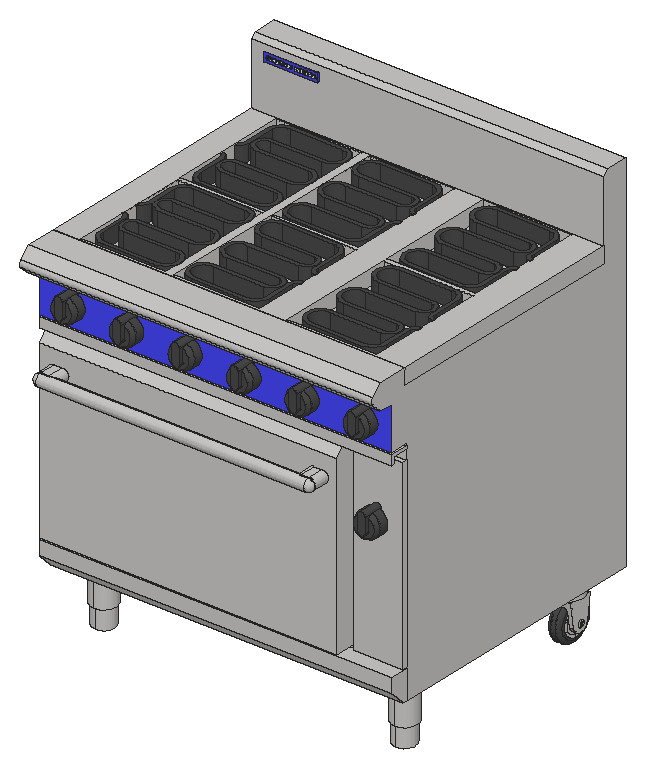
Revit family "QF_MOFFAT_BLUESEAL_CE_E506D", category Specialty Equipment, Revit 2012 (continued)
Definition of nested family "ELECTRIC BURNER 900"
  Forms (mm)
    Extrusion 2, solid, material "QF_Finishes_Black"
      sketch origin (0, 15.7, 0) x (0, -1, 0) y (1, 0, 0)
        loop
          line (569.55, 114.862) -> (569.55, 246.212)
          arc (569.55, 246.212) -> (597.25, 273.912) -> (624.95, 246.212) r 27.7
          line (624.95, 246.212) -> (624.95, 113.612)
          arc (624.95, 113.612) -> (617.855, 94.459) -> (599.304, 85.912) r 26.722
          line (599.304, 85.912) -> (528.096, 85.912)
          arc (528.096, 85.912) -> (511.987, 79.848) -> (503.282, 65) r 25.79
          line (503.282, 65) -> (513.588, 65)
          arc (513.588, 65) -> (519.162, 72.781) -> (528.207, 75.912) r 15.79
          line (528.207, 75.912) -> (599.486, 75.912)
          arc (599.486, 75.912) -> (625.051, 87.513) -> (634.95, 113.784) r 36.722
          line (634.95, 113.784) -> (634.95, 246.212)
          arc (634.95, 246.212) -> (597.25, 283.912) -> (559.55, 246.212) r 37.7
          line (559.55, 246.212) -> (559.55, 113.612)
          arc (559.55, 113.612) -> (541.85, 95.912) -> (524.15, 113.612) r 17.7
          line (524.15, 113.612) -> (524.15, 246.212)
          arc (524.15, 246.212) -> (486.45, 283.912) -> (448.75, 246.212) r 37.7
          line (448.75, 246.212) -> (448.75, 113.612)
          arc (448.75, 113.612) -> (431.05, 95.912) -> (413.35, 113.612) r 17.7
          line (413.35, 113.612) -> (413.35, 246.212)
          arc (413.35, 246.212) -> (375.65, 283.912) -> (337.95, 246.212) r 37.7
          line (337.95, 246.212) -> (337.95, 113.784)
          arc (337.95, 113.784) -> (347.849, 87.513) -> (373.414, 75.912) r 36.722
          line (373.414, 75.912) -> (444.681, 75.912)
          arc (444.681, 75.912) -> (453.49, 72.964) -> (459.168, 65.612) r 15.973
          line (459.168, 65.612) -> (469.581, 65.612)
        loop
          line (156.993, 523.112) -> (146.6, 523.112)
          arc (146.6, 523.112) -> (140.976, 515.752) -> (132.193, 512.812) r 15.79
          line (132.193, 512.812) -> (60.914, 512.812)
          arc (60.914, 512.812) -> (35.349, 501.211) -> (25.45, 474.94) r 36.722
          line (25.45, 474.94) -> (25.45, 342.512)
          arc (25.45, 342.512) -> (63.15, 304.812) -> (100.85, 342.512) r 37.7
          line (100.85, 342.512) -> (100.85, 475.112)
          arc (100.85, 475.112) -> (118.55, 492.812) -> (136.25, 475.112) r 17.7
          line (136.25, 475.112) -> (136.25, 342.512)
          arc (136.25, 342.512) -> (173.95, 304.812) -> (211.65, 342.512) r 37.7
          line (211.65, 342.512) -> (211.65, 475.112)
          arc (211.65, 475.112) -> (229.35, 492.812) -> (247.05, 475.112) r 17.7
          line (247.05, 475.112) -> (247.05, 342.512)
          arc (247.05, 342.512) -> (284.75, 304.812) -> (322.45, 342.512) r 37.7
          line (322.45, 342.512) -> (322.45, 474.94)
          arc (322.45, 474.94) -> (312.551, 501.211) -> (286.986, 512.812) r 36.722
          line (286.986, 512.812) -> (215.719, 512.812)
          arc (215.719, 512.812) -> (206.91, 515.761) -> (201.232, 523.112) r 15.973
          line (201.232, 523.112) -> (190.819, 523.112)
          arc (190.819, 523.112) -> (199.705, 508.688) -> (215.596, 502.812) r 25.973
          line (215.596, 502.812) -> (286.804, 502.812)
          arc (286.804, 502.812) -> (305.355, 494.266) -> (312.45, 475.112) r 26.722
          line (312.45, 475.112) -> (312.45, 342.512)
          arc (312.45, 342.512) -> (284.75, 314.812) -> (257.05, 342.512) r 27.7
          line (257.05, 342.512) -> (257.05, 474.487)
          arc (257.05, 474.487) -> (229.35, 502.187) -> (201.65, 474.487) r 27.7
          line (201.65, 474.487) -> (201.65, 342.512)
          arc (201.65, 342.512) -> (173.95, 314.812) -> (146.25, 342.512) r 27.7
          line (146.25, 342.512) -> (146.25, 474.956)
          arc (146.25, 474.956) -> (118.55, 502.656) -> (90.85, 474.956) r 27.7
          line (90.85, 474.956) -> (90.85, 342.512)
          arc (90.85, 342.512) -> (63.15, 314.812) -> (35.45, 342.512) r 27.7
          line (35.45, 342.512) -> (35.45, 475.112)
          arc (35.45, 475.112) -> (42.545, 494.266) -> (61.096, 502.812) r 26.722
          line (61.096, 502.812) -> (132.304, 502.812)
          arc (132.304, 502.812) -> (148.172, 508.677) -> (156.993, 523.112) r 25.79
        loop
          line (469.581, 523.112) -> (459.168, 523.112)
          arc (459.168, 523.112) -> (453.49, 515.761) -> (444.681, 512.812) r 15.973
          line (444.681, 512.812) -> (373.414, 512.812)
          arc (373.414, 512.812) -> (347.849, 501.211) -> (337.95, 474.94) r 36.722
          line (337.95, 474.94) -> (337.95, 342.512)
          arc (337.95, 342.512) -> (375.65, 304.812) -> (413.35, 342.512) r 37.7
          line (413.35, 342.512) -> (413.35, 475.112)
          arc (413.35, 475.112) -> (431.05, 492.812) -> (448.75, 475.112) r 17.7
          line (448.75, 475.112) -> (448.75, 342.512)
          arc (448.75, 342.512) -> (486.45, 304.812) -> (524.15, 342.512) r 37.7
          line (524.15, 342.512) -> (524.15, 475.112)
          arc (524.15, 475.112) -> (541.85, 492.812) -> (559.55, 475.112) r 17.7
          line (559.55, 475.112) -> (559.55, 342.512)
          arc (559.55, 342.512) -> (597.25, 304.812) -> (634.95, 342.512) r 37.7
          line (634.95, 342.512) -> (634.95, 474.94)
          arc (634.95, 474.94) -> (625.051, 501.211) -> (599.486, 512.812) r 36.722
          line (599.486, 512.812) -> (528.207, 512.812)
          arc (528.207, 512.812) -> (519.162, 515.944) -> (513.588, 523.725) r 15.79
          line (513.588, 523.725) -> (503.282, 523.725)
          arc (503.282, 523.725) -> (511.987, 508.876) -> (528.096, 502.812) r 25.79
          line (528.096, 502.812) -> (599.304, 502.812)
          arc (599.304, 502.812) -> (617.855, 494.266) -> (624.95, 475.112) r 26.722
          line (624.95, 475.112) -> (624.95, 342.512)
          arc (624.95, 342.512) -> (597.25, 314.812) -> (569.55, 342.512) r 27.7
          line (569.55, 342.512) -> (569.55, 473.862)
          arc (569.55, 473.862) -> (541.85, 501.562) -> (514.15, 473.862) r 27.7
          line (514.15, 473.862) -> (514.15, 342.512)
          arc (514.15, 342.512) -> (486.45, 314.812) -> (458.75, 342.512) r 27.7
          line (458.75, 342.512) -> (458.75, 473.862)
          arc (458.75, 473.862) -> (431.05, 501.562) -> (403.35, 473.862) r 27.7
          line (403.35, 473.862) -> (403.35, 342.512)
          arc (403.35, 342.512) -> (375.65, 314.812) -> (347.95, 342.512) r 27.7
          line (347.95, 342.512) -> (347.95, 475.112)
          arc (347.95, 475.112) -> (355.045, 494.266) -> (373.596, 502.812) r 26.722
          line (373.596, 502.812) -> (444.804, 502.812)
          arc (444.804, 502.812) -> (460.695, 508.688) -> (469.581, 523.112) r 25.973
        loop
          line (156.993, 823.112) -> (146.6, 823.112)
          arc (146.6, 823.112) -> (140.976, 815.752) -> (132.193, 812.812) r 15.79
          line (132.193, 812.812) -> (60.914, 812.812)
          arc (60.914, 812.812) -> (35.349, 801.211) -> (25.45, 774.94) r 36.722
          line (25.45, 774.94) -> (25.45, 642.512)
          arc (25.45, 642.512) -> (63.15, 604.812) -> (100.85, 642.512) r 37.7
          line (100.85, 642.512) -> (100.85, 775.112)
          arc (100.85, 775.112) -> (118.55, 792.812) -> (136.25, 775.112) r 17.7
          line (136.25, 775.112) -> (136.25, 642.512)
          arc (136.25, 642.512) -> (173.95, 604.812) -> (211.65, 642.512) r 37.7
          line (211.65, 642.512) -> (211.65, 775.112)
          arc (211.65, 775.112) -> (229.35, 792.812) -> (247.05, 775.112) r 17.7
          line (247.05, 775.112) -> (247.05, 642.512)
          arc (247.05, 642.512) -> (284.75, 604.812) -> (322.45, 642.512) r 37.7
          line (322.45, 642.512) -> (322.45, 774.94)
          arc (322.45, 774.94) -> (312.551, 801.211) -> (286.986, 812.812) r 36.722
          line (286.986, 812.812) -> (215.719, 812.812)
          arc (215.719, 812.812) -> (206.91, 815.761) -> (201.232, 823.112) r 15.973
          line (201.232, 823.112) -> (190.819, 823.112)
          arc (190.819, 823.112) -> (199.705, 808.688) -> (215.596, 802.812) r 25.973
          line (215.596, 802.812) -> (286.804, 802.812)
          arc (286.804, 802.812) -> (305.355, 794.266) -> (312.45, 775.112) r 26.722
          line (312.45, 775.112) -> (312.45, 642.512)
          arc (312.45, 642.512) -> (284.75, 614.812) -> (257.05, 642.512) r 27.7
          line (257.05, 642.512) -> (257.05, 774.487)
          arc (257.05, 774.487) -> (229.35, 802.187) -> (201.65, 774.487) r 27.7
          line (201.65, 774.487) -> (201.65, 642.512)
          arc (201.65, 642.512) -> (173.95, 614.812) -> (146.25, 642.512) r 27.7
          line (146.25, 642.512) -> (146.25, 774.956)
          arc (146.25, 774.956) -> (118.55, 802.656) -> (90.85, 774.956) r 27.7
          line (90.85, 774.956) -> (90.85, 642.512)
          arc (90.85, 642.512) -> (63.15, 614.812) -> (35.45, 642.512) r 27.7
          line (35.45, 642.512) -> (35.45, 775.112)
          arc (35.45, 775.112) -> (42.545, 794.266) -> (61.096, 802.812) r 26.722
          line (61.096, 802.812) -> (132.304, 802.812)
          arc (132.304, 802.812) -> (148.172, 808.677) -> (156.993, 823.112) r 25.79
        loop
          line (469.581, 823.112) -> (459.168, 823.112)
          arc (459.168, 823.112) -> (453.49, 815.761) -> (444.681, 812.812) r 15.973
          line (444.681, 812.812) -> (373.414, 812.812)
          arc (373.414, 812.812) -> (347.849, 801.211) -> (337.95, 774.94) r 36.722
          line (337.95, 774.94) -> (337.95, 642.512)
          arc (337.95, 642.512) -> (375.65, 604.812) -> (413.35, 642.512) r 37.7
          line (413.35, 642.512) -> (413.35, 775.112)
          arc (413.35, 775.112) -> (431.05, 792.812) -> (448.75, 775.112) r 17.7
          line (448.75, 775.112) -> (448.75, 642.512)
          arc (448.75, 642.512) -> (486.45, 604.812) -> (524.15, 642.512) r 37.7
          line (524.15, 642.512) -> (524.15, 775.112)
          arc (524.15, 775.112) -> (541.85, 792.812) -> (559.55, 775.112) r 17.7
          line (559.55, 775.112) -> (559.55, 642.512)
          arc (559.55, 642.512) -> (597.25, 604.812) -> (634.95, 642.512) r 37.7
          line (634.95, 642.512) -> (634.95, 774.94)
          arc (634.95, 774.94) -> (625.051, 801.211) -> (599.486, 812.812) r 36.722
          line (599.486, 812.812) -> (528.207, 812.812)
          arc (528.207, 812.812) -> (519.162, 815.944) -> (513.588, 823.725) r 15.79
          line (513.588, 823.725) -> (503.282, 823.725)
          arc (503.282, 823.725) -> (511.987, 808.876) -> (528.096, 802.812) r 25.79
          line (528.096, 802.812) -> (599.304, 802.812)
          arc (599.304, 802.812) -> (617.855, 794.266) -> (624.95, 775.112) r 26.722
          line (624.95, 775.112) -> (624.95, 642.512)
          arc (624.95, 642.512) -> (597.25, 614.812) -> (569.55, 642.512) r 27.7
          line (569.55, 642.512) -> (569.55, 773.862)
          arc (569.55, 773.862) -> (541.85, 801.562) -> (514.15, 773.862) r 27.7
          line (514.15, 773.862) -> (514.15, 642.512)
          arc (514.15, 642.512) -> (486.45, 614.812) -> (458.75, 642.512) r 27.7
          line (458.75, 642.512) -> (458.75, 773.862)
          arc (458.75, 773.862) -> (431.05, 801.562) -> (403.35, 773.862) r 27.7
          line (403.35, 773.862) -> (403.35, 642.512)
          arc (403.35, 642.512) -> (375.65, 614.812) -> (347.95, 642.512) r 27.7
          line (347.95, 642.512) -> (347.95, 775.112)
          arc (347.95, 775.112) -> (355.045, 794.266) -> (373.596, 802.812) r 26.722
          line (373.596, 802.812) -> (444.804, 802.812)
          arc (444.804, 802.812) -> (460.695, 808.688) -> (469.581, 823.112) r 25.973
      from 0 to 40
  Lines and regions (mm)
    symbolic lines
      curve 1: line (246.212, -75.15, 0) -> (113.769, -75.15, 0)
      curve 2: arc (113.769, -75.15, 0) -> (86.069, -102.85, 0) -> (113.769, -130.55, 0) r 27.7
      curve 3: line (113.769, -130.55, 0) -> (246.212, -130.55, 0)
      curve 4: arc (246.212, -130.55, 0) -> (273.912, -158.25, 0) -> (246.212, -185.95, 0) r 27.7
      curve 5: line (246.212, -185.95, 0) -> (114.237, -185.95, 0)
      curve 6: arc (114.237, -185.95, 0) -> (86.537, -213.65, 0) -> (114.237, -241.35, 0) r 27.7
      curve 7: line (114.237, -241.35, 0) -> (246.212, -241.35, 0)
      curve 8: arc (246.212, -241.35, 0) -> (273.912, -269.05, 0) -> (246.212, -296.75, 0) r 27.7
      curve 9: line (246.212, -296.75, 0) -> (113.612, -296.75, 0)
      curve 10: arc (113.612, -296.75, 0) -> (94.459, -289.655, 0) -> (85.912, -271.104, 0) r 26.722
      curve 11: line (85.912, -271.104, 0) -> (85.912, -199.896, 0)
      curve 12: arc (85.912, -199.896, 0) -> (80.037, -184.005, 0) -> (65.612, -175.119, 0) r 25.973
      curve 13: line (65.612, -175.119, 0) -> (65.612, -185.532, 0)
      curve 14: arc (65.612, -185.532, 0) -> (72.964, -191.21, 0) -> (75.912, -200.019, 0) r 15.973
      curve 15: line (75.912, -200.019, 0) -> (75.912, -271.286, 0)
      curve 16: arc (75.912, -271.286, 0) -> (87.513, -296.851, 0) -> (113.784, -306.75, 0) r 36.722
      curve 17: line (113.784, -306.75, 0) -> (246.212, -306.75, 0)
      curve 18: arc (246.212, -306.75, 0) -> (283.912, -269.05, 0) -> (246.212, -231.35, 0) r 37.7
      curve 19: line (246.212, -231.35, 0) -> (113.612, -231.35, 0)
      curve 20: arc (113.612, -231.35, 0) -> (95.912, -213.65, 0) -> (113.612, -195.95, 0) r 17.7
      curve 21: line (113.612, -195.95, 0) -> (246.212, -195.95, 0)
      curve 22: arc (246.212, -195.95, 0) -> (283.912, -158.25, 0) -> (246.212, -120.55, 0) r 37.7
      curve 23: line (246.212, -120.55, 0) -> (113.612, -120.55, 0)
      curve 24: arc (113.612, -120.55, 0) -> (95.912, -102.85, 0) -> (113.612, -85.15, 0) r 17.7
      curve 25: line (113.612, -85.15, 0) -> (246.212, -85.15, 0)
      curve 26: arc (246.212, -85.15, 0) -> (283.912, -47.45, 0) -> (246.212, -9.75, 0) r 37.7
      curve 27: line (246.212, -9.75, 0) -> (113.784, -9.75, 0)
      curve 28: arc (113.784, -9.75, 0) -> (87.513, -19.649, 0) -> (75.912, -45.214, 0) r 36.722
      curve 29: line (75.912, -45.214, 0) -> (75.912, -116.493, 0)
      curve 30: arc (75.912, -116.493, 0) -> (72.972, -125.276, 0) -> (65.612, -130.9, 0) r 15.79
      curve 31: line (65.612, -130.9, 0) -> (65.612, -141.293, 0)
      curve 32: arc (65.612, -141.293, 0) -> (80.048, -132.472, 0) -> (85.912, -116.604, 0) r 25.79
      curve 33: line (85.912, -116.604, 0) -> (85.912, -45.396, 0)
      curve 34: arc (85.912, -45.396, 0) -> (94.459, -26.845, 0) -> (113.612, -19.75, 0) r 26.722
      curve 35: line (113.612, -19.75, 0) -> (246.212, -19.75, 0)
      curve 36: arc (246.212, -19.75, 0) -> (273.912, -47.45, 0) -> (246.212, -75.15, 0) r 27.7
      curve 37: line (474.956, -75.15, 0) -> (342.512, -75.15, 0)
      curve 38: arc (342.512, -75.15, 0) -> (314.812, -47.45, 0) -> (342.512, -19.75, 0) r 27.7
      curve 39: line (342.512, -19.75, 0) -> (475.112, -19.75, 0)
      curve 40: arc (475.112, -19.75, 0) -> (494.266, -26.845, 0) -> (502.812, -45.396, 0) r 26.722
      curve 41: line (502.812, -45.396, 0) -> (502.812, -116.604, 0)
      curve 42: arc (502.812, -116.604, 0) -> (508.677, -132.472, 0) -> (523.112, -141.293, 0) r 25.79
      curve 43: line (523.112, -141.293, 0) -> (523.112, -130.9, 0)
      curve 44: arc (523.112, -130.9, 0) -> (515.752, -125.276, 0) -> (512.812, -116.493, 0) r 15.79
      curve 45: line (512.812, -116.493, 0) -> (512.812, -45.214, 0)
      curve 46: arc (512.812, -45.214, 0) -> (501.211, -19.649, 0) -> (474.94, -9.75, 0) r 36.722
      curve 47: line (474.94, -9.75, 0) -> (342.512, -9.75, 0)
      curve 48: arc (342.512, -9.75, 0) -> (304.812, -47.45, 0) -> (342.512, -85.15, 0) r 37.7
      curve 49: line (342.512, -85.15, 0) -> (475.112, -85.15, 0)
      curve 50: arc (475.112, -85.15, 0) -> (492.812, -102.85, 0) -> (475.112, -120.55, 0) r 17.7
      curve 51: line (475.112, -120.55, 0) -> (342.512, -120.55, 0)
      curve 52: arc (342.512, -120.55, 0) -> (304.812, -158.25, 0) -> (342.512, -195.95, 0) r 37.7
      curve 53: line (342.512, -195.95, 0) -> (475.112, -195.95, 0)
      curve 54: arc (475.112, -195.95, 0) -> (492.812, -213.65, 0) -> (475.112, -231.35, 0) r 17.7
      curve 55: line (475.112, -231.35, 0) -> (342.512, -231.35, 0)
      curve 56: arc (342.512, -231.35, 0) -> (304.812, -269.05, 0) -> (342.512, -306.75, 0) r 37.7
      curve 57: line (342.512, -306.75, 0) -> (474.94, -306.75, 0)
      curve 58: arc (474.94, -306.75, 0) -> (501.211, -296.851, 0) -> (512.812, -271.286, 0) r 36.722
      curve 59: line (512.812, -271.286, 0) -> (512.812, -200.019, 0)
      curve 60: arc (512.812, -200.019, 0) -> (515.761, -191.21, 0) -> (523.112, -185.532, 0) r 15.973
      curve 61: line (523.112, -185.532, 0) -> (523.112, -175.119, 0)
      curve 62: arc (523.112, -175.119, 0) -> (508.688, -184.005, 0) -> (502.812, -199.896, 0) r 25.973
      curve 63: line (502.812, -199.896, 0) -> (502.812, -271.104, 0)
      curve 64: arc (502.812, -271.104, 0) -> (494.266, -289.655, 0) -> (475.112, -296.75, 0) r 26.722
      curve 65: line (475.112, -296.75, 0) -> (342.512, -296.75, 0)
      curve 66: arc (342.512, -296.75, 0) -> (314.812, -269.05, 0) -> (342.512, -241.35, 0) r 27.7
      curve 67: line (342.512, -241.35, 0) -> (474.487, -241.35, 0)
      curve 68: arc (474.487, -241.35, 0) -> (502.187, -213.65, 0) -> (474.487, -185.95, 0) r 27.7
      curve 69: line (474.487, -185.95, 0) -> (342.512, -185.95, 0)
      curve 70: arc (342.512, -185.95, 0) -> (314.812, -158.25, 0) -> (342.512, -130.55, 0) r 27.7
      curve 71: line (342.512, -130.55, 0) -> (474.956, -130.55, 0)
      curve 72: arc (474.956, -130.55, 0) -> (502.656, -102.85, 0) -> (474.956, -75.15, 0) r 27.7
      curve 73: line (774.956, -75.15, 0) -> (642.512, -75.15, 0)
      curve 74: arc (642.512, -75.15, 0) -> (614.812, -47.45, 0) -> (642.512, -19.75, 0) r 27.7
      curve 75: line (642.512, -19.75, 0) -> (775.112, -19.75, 0)
      curve 76: arc (775.112, -19.75, 0) -> (794.266, -26.845, 0) -> (802.812, -45.396, 0) r 26.722
      curve 77: line (802.812, -45.396, 0) -> (802.812, -116.604, 0)
      curve 78: arc (802.812, -116.604, 0) -> (808.677, -132.472, 0) -> (823.112, -141.293, 0) r 25.79
      curve 79: line (823.112, -141.293, 0) -> (823.112, -130.9, 0)
      curve 80: arc (823.112, -130.9, 0) -> (815.752, -125.276, 0) -> (812.812, -116.493, 0) r 15.79
      curve 81: line (812.812, -116.493, 0) -> (812.812, -45.214, 0)
      curve 82: arc (812.812, -45.214, 0) -> (801.211, -19.649, 0) -> (774.94, -9.75, 0) r 36.722
      curve 83: line (774.94, -9.75, 0) -> (642.512, -9.75, 0)
      curve 84: arc (642.512, -9.75, 0) -> (604.812, -47.45, 0) -> (642.512, -85.15, 0) r 37.7
      curve 85: line (642.512, -85.15, 0) -> (775.112, -85.15, 0)
      curve 86: arc (775.112, -85.15, 0) -> (792.812, -102.85, 0) -> (775.112, -120.55, 0) r 17.7
      curve 87: line (775.112, -120.55, 0) -> (642.512, -120.55, 0)
      curve 88: arc (642.512, -120.55, 0) -> (604.812, -158.25, 0) -> (642.512, -195.95, 0) r 37.7
      curve 89: line (642.512, -195.95, 0) -> (775.112, -195.95, 0)
      curve 90: arc (775.112, -195.95, 0) -> (792.812, -213.65, 0) -> (775.112, -231.35, 0) r 17.7
      curve 91: line (775.112, -231.35, 0) -> (642.512, -231.35, 0)
      curve 92: arc (642.512, -231.35, 0) -> (604.812, -269.05, 0) -> (642.512, -306.75, 0) r 37.7
      curve 93: line (642.512, -306.75, 0) -> (774.94, -306.75, 0)
      curve 94: arc (774.94, -306.75, 0) -> (801.211, -296.851, 0) -> (812.812, -271.286, 0) r 36.722
      curve 95: line (812.812, -271.286, 0) -> (812.812, -200.019, 0)
      curve 96: arc (812.812, -200.019, 0) -> (815.761, -191.21, 0) -> (823.112, -185.532, 0) r 15.973
      curve 97: line (823.112, -185.532, 0) -> (823.112, -175.119, 0)
      curve 98: arc (823.112, -175.119, 0) -> (808.688, -184.005, 0) -> (802.812, -199.896, 0) r 25.973
      curve 99: line (802.812, -199.896, 0) -> (802.812, -271.104, 0)
      curve 100: arc (802.812, -271.104, 0) -> (794.266, -289.655, 0) -> (775.112, -296.75, 0) r 26.722
      curve 101: line (775.112, -296.75, 0) -> (642.512, -296.75, 0)
      curve 102: arc (642.512, -296.75, 0) -> (614.812, -269.05, 0) -> (642.512, -241.35, 0) r 27.7
      curve 103: line (642.512, -241.35, 0) -> (774.487, -241.35, 0)
      curve 104: arc (774.487, -241.35, 0) -> (802.187, -213.65, 0) -> (774.487, -185.95, 0) r 27.7
      curve 105: line (774.487, -185.95, 0) -> (642.512, -185.95, 0)
      curve 106: arc (642.512, -185.95, 0) -> (614.812, -158.25, 0) -> (642.512, -130.55, 0) r 27.7
      curve 107: line (642.512, -130.55, 0) -> (774.956, -130.55, 0)
      curve 108: arc (774.956, -130.55, 0) -> (802.656, -102.85, 0) -> (774.956, -75.15, 0) r 27.7
      curve 109: line (642.512, -397.65, 0) -> (775.112, -397.65, 0)
      curve 110: arc (775.112, -397.65, 0) -> (792.812, -415.35, 0) -> (775.112, -433.05, 0) r 17.7
      curve 111: line (775.112, -433.05, 0) -> (642.512, -433.05, 0)
      curve 112: arc (642.512, -433.05, 0) -> (604.812, -470.75, 0) -> (642.512, -508.45, 0) r 37.7
      curve 113: line (642.512, -508.45, 0) -> (775.112, -508.45, 0)
      curve 114: arc (775.112, -508.45, 0) -> (792.812, -526.15, 0) -> (775.112, -543.85, 0) r 17.7
      curve 115: line (775.112, -543.85, 0) -> (642.512, -543.85, 0)
      curve 116: arc (642.512, -543.85, 0) -> (604.812, -581.55, 0) -> (642.512, -619.25, 0) r 37.7
      curve 117: line (642.512, -619.25, 0) -> (774.94, -619.25, 0)
      curve 118: arc (774.94, -619.25, 0) -> (801.211, -609.351, 0) -> (812.812, -583.786, 0) r 36.722
      curve 119: line (812.812, -583.786, 0) -> (812.812, -512.507, 0)
      curve 120: arc (812.812, -512.507, 0) -> (815.944, -503.462, 0) -> (823.725, -497.888, 0) r 15.79
      curve 121: line (823.725, -497.888, 0) -> (823.725, -487.582, 0)
      curve 122: arc (823.725, -487.582, 0) -> (808.876, -496.287, 0) -> (802.812, -512.396, 0) r 25.79
      curve 123: line (802.812, -512.396, 0) -> (802.812, -583.604, 0)
      curve 124: arc (802.812, -583.604, 0) -> (794.266, -602.155, 0) -> (775.112, -609.25, 0) r 26.722
      curve 125: line (775.112, -609.25, 0) -> (642.512, -609.25, 0)
      curve 126: arc (642.512, -609.25, 0) -> (614.812, -581.55, 0) -> (642.512, -553.85, 0) r 27.7
      curve 127: line (642.512, -553.85, 0) -> (773.862, -553.85, 0)
      curve 128: arc (773.862, -553.85, 0) -> (801.562, -526.15, 0) -> (773.862, -498.45, 0) r 27.7
      curve 129: line (773.862, -498.45, 0) -> (642.512, -498.45, 0)
      curve 130: arc (642.512, -498.45, 0) -> (614.812, -470.75, 0) -> (642.512, -443.05, 0) r 27.7
      curve 131: line (642.512, -443.05, 0) -> (773.862, -443.05, 0)
      curve 132: arc (773.862, -443.05, 0) -> (801.562, -415.35, 0) -> (773.862, -387.65, 0) r 27.7
      curve 133: line (773.862, -387.65, 0) -> (642.512, -387.65, 0)
      curve 134: arc (642.512, -387.65, 0) -> (614.812, -359.95, 0) -> (642.512, -332.25, 0) r 27.7
      curve 135: line (642.512, -332.25, 0) -> (775.112, -332.25, 0)
      curve 136: arc (775.112, -332.25, 0) -> (794.266, -339.345, 0) -> (802.812, -357.896, 0) r 26.722
      curve 137: line (802.812, -357.896, 0) -> (802.812, -429.104, 0)
      curve 138: arc (802.812, -429.104, 0) -> (808.688, -444.995, 0) -> (823.112, -453.881, 0) r 25.973
      curve 139: line (823.112, -453.881, 0) -> (823.112, -443.468, 0)
      curve 140: arc (823.112, -443.468, 0) -> (815.761, -437.79, 0) -> (812.812, -428.981, 0) r 15.973
      curve 141: line (812.812, -428.981, 0) -> (812.812, -357.714, 0)
      curve 142: arc (812.812, -357.714, 0) -> (801.211, -332.149, 0) -> (774.94, -322.25, 0) r 36.722
      curve 143: line (774.94, -322.25, 0) -> (642.512, -322.25, 0)
      curve 144: arc (642.512, -322.25, 0) -> (604.812, -359.95, 0) -> (642.512, -397.65, 0) r 37.7
      curve 145: line (342.512, -397.65, 0) -> (475.112, -397.65, 0)
      curve 146: arc (475.112, -397.65, 0) -> (492.812, -415.35, 0) -> (475.112, -433.05, 0) r 17.7
      curve 147: line (475.112, -433.05, 0) -> (342.512, -433.05, 0)
      curve 148: arc (342.512, -433.05, 0) -> (304.812, -470.75, 0) -> (342.512, -508.45, 0) r 37.7
      curve 149: line (342.512, -508.45, 0) -> (475.112, -508.45, 0)
      curve 150: arc (475.112, -508.45, 0) -> (492.812, -526.15, 0) -> (475.112, -543.85, 0) r 17.7
      curve 151: line (475.112, -543.85, 0) -> (342.512, -543.85, 0)
      curve 152: arc (342.512, -543.85, 0) -> (304.812, -581.55, 0) -> (342.512, -619.25, 0) r 37.7
      curve 153: line (342.512, -619.25, 0) -> (474.94, -619.25, 0)
      curve 154: arc (474.94, -619.25, 0) -> (501.211, -609.351, 0) -> (512.812, -583.786, 0) r 36.722
      curve 155: line (512.812, -583.786, 0) -> (512.812, -512.507, 0)
      curve 156: arc (512.812, -512.507, 0) -> (515.944, -503.462, 0) -> (523.725, -497.888, 0) r 15.79
      curve 157: line (523.725, -497.888, 0) -> (523.725, -487.582, 0)
      curve 158: arc (523.725, -487.582, 0) -> (508.876, -496.287, 0) -> (502.812, -512.396, 0) r 25.79
      curve 159: line (502.812, -512.396, 0) -> (502.812, -583.604, 0)
      curve 160: arc (502.812, -583.604, 0) -> (494.266, -602.155, 0) -> (475.112, -609.25, 0) r 26.722
      curve 161: line (475.112, -609.25, 0) -> (342.512, -609.25, 0)
      curve 162: arc (342.512, -609.25, 0) -> (314.812, -581.55, 0) -> (342.512, -553.85, 0) r 27.7
      curve 163: line (342.512, -553.85, 0) -> (473.862, -553.85, 0)
      curve 164: arc (473.862, -553.85, 0) -> (501.562, -526.15, 0) -> (473.862, -498.45, 0) r 27.7
      curve 165: line (473.862, -498.45, 0) -> (342.512, -498.45, 0)
      curve 166: arc (342.512, -498.45, 0) -> (314.812, -470.75, 0) -> (342.512, -443.05, 0) r 27.7
      curve 167: line (342.512, -443.05, 0) -> (473.862, -443.05, 0)
      curve 168: arc (473.862, -443.05, 0) -> (501.562, -415.35, 0) -> (473.862, -387.65, 0) r 27.7
      curve 169: line (473.862, -387.65, 0) -> (342.512, -387.65, 0)
      curve 170: arc (342.512, -387.65, 0) -> (314.812, -359.95, 0) -> (342.512, -332.25, 0) r 27.7
      curve 171: line (342.512, -332.25, 0) -> (475.112, -332.25, 0)
      curve 172: arc (475.112, -332.25, 0) -> (494.266, -339.345, 0) -> (502.812, -357.896, 0) r 26.722
      curve 173: line (502.812, -357.896, 0) -> (502.812, -429.104, 0)
      curve 174: arc (502.812, -429.104, 0) -> (508.688, -444.995, 0) -> (523.112, -453.881, 0) r 25.973
      curve 175: line (523.112, -453.881, 0) -> (523.112, -443.468, 0)
      curve 176: arc (523.112, -443.468, 0) -> (515.761, -437.79, 0) -> (512.812, -428.981, 0) r 15.973
      curve 177: line (512.812, -428.981, 0) -> (512.812, -357.714, 0)
      curve 178: arc (512.812, -357.714, 0) -> (501.211, -332.149, 0) -> (474.94, -322.25, 0) r 36.722
      curve 179: line (474.94, -322.25, 0) -> (342.512, -322.25, 0)
      curve 180: arc (342.512, -322.25, 0) -> (304.812, -359.95, 0) -> (342.512, -397.65, 0) r 37.7
      curve 181: line (246.212, -387.65, 0) -> (114.862, -387.65, 0)
      curve 182: arc (114.862, -387.65, 0) -> (87.162, -415.35, 0) -> (114.862, -443.05, 0) r 27.7
      curve 183: line (114.862, -443.05, 0) -> (246.212, -443.05, 0)
      curve 184: arc (246.212, -443.05, 0) -> (273.912, -470.75, 0) -> (246.212, -498.45, 0) r 27.7
      curve 185: line (246.212, -498.45, 0) -> (114.862, -498.45, 0)
      curve 186: arc (114.862, -498.45, 0) -> (87.162, -526.15, 0) -> (114.862, -553.85, 0) r 27.7
      curve 187: line (114.862, -553.85, 0) -> (246.212, -553.85, 0)
      curve 188: arc (246.212, -553.85, 0) -> (273.912, -581.55, 0) -> (246.212, -609.25, 0) r 27.7
      curve 189: line (246.212, -609.25, 0) -> (113.612, -609.25, 0)
      curve 190: arc (113.612, -609.25, 0) -> (94.459, -602.155, 0) -> (85.912, -583.604, 0) r 26.722
      curve 191: line (85.912, -583.604, 0) -> (85.912, -512.396, 0)
      curve 192: arc (85.912, -512.396, 0) -> (79.848, -496.287, 0) -> (65, -487.582, 0) r 25.79
      curve 193: line (65, -487.582, 0) -> (65, -497.888, 0)
      curve 194: arc (65, -497.888, 0) -> (72.781, -503.462, 0) -> (75.912, -512.507, 0) r 15.79
      curve 195: line (75.912, -512.507, 0) -> (75.912, -583.786, 0)
      curve 196: arc (75.912, -583.786, 0) -> (87.513, -609.351, 0) -> (113.784, -619.25, 0) r 36.722
      curve 197: line (113.784, -619.25, 0) -> (246.212, -619.25, 0)
      curve 198: arc (246.212, -619.25, 0) -> (283.912, -581.55, 0) -> (246.212, -543.85, 0) r 37.7
      curve 199: line (246.212, -543.85, 0) -> (113.612, -543.85, 0)
      curve 200: arc (113.612, -543.85, 0) -> (95.912, -526.15, 0) -> (113.612, -508.45, 0) r 17.7
      curve 201: line (113.612, -508.45, 0) -> (246.212, -508.45, 0)
      curve 202: arc (246.212, -508.45, 0) -> (283.912, -470.75, 0) -> (246.212, -433.05, 0) r 37.7
      curve 203: line (246.212, -433.05, 0) -> (113.612, -433.05, 0)
      curve 204: arc (113.612, -433.05, 0) -> (95.912, -415.35, 0) -> (113.612, -397.65, 0) r 17.7
      curve 205: line (113.612, -397.65, 0) -> (246.212, -397.65, 0)
      curve 206: arc (246.212, -397.65, 0) -> (283.912, -359.95, 0) -> (246.212, -322.25, 0) r 37.7
      curve 207: line (246.212, -322.25, 0) -> (113.784, -322.25, 0)
      curve 208: arc (113.784, -322.25, 0) -> (87.513, -332.149, 0) -> (75.912, -357.714, 0) r 36.722
      curve 209: line (75.912, -357.714, 0) -> (75.912, -428.981, 0)
      curve 210: arc (75.912, -428.981, 0) -> (72.964, -437.79, 0) -> (65.612, -443.468, 0) r 15.973
      curve 211: line (65.612, -443.468, 0) -> (65.612, -453.881, 0)
      curve 212: arc (65.612, -453.881, 0) -> (80.037, -444.995, 0) -> (85.912, -429.104, 0) r 25.973
      curve 213: line (85.912, -429.104, 0) -> (85.912, -357.896, 0)
      curve 214: arc (85.912, -357.896, 0) -> (94.459, -339.345, 0) -> (113.612, -332.25, 0) r 26.722
      curve 215: line (113.612, -332.25, 0) -> (246.212, -332.25, 0)
      curve 216: arc (246.212, -332.25, 0) -> (273.912, -359.95, 0) -> (246.212, -387.65, 0) r 27.7
      curve 217: line (0, 0, 0) -> (0, -635, 0)
      curve 218: line (0, -635, 0) -> (900, -635, 0)
      curve 219: line (900, -635, 0) -> (900, 0, 0)
      curve 220: line (900, 0, 0) -> (0, 0, 0)
      curve 221: line (65.8, -312.651, 0) -> (65.8, -5, 0)
      curve 222: line (65.8, -5, 0) -> (284.362, -5, 0)
      curve 223: line (284.362, -5, 0) -> (284.362, -312.651, 0)
      curve 224: line (284.362, -312.651, 0) -> (65.8, -312.651, 0)
      curve 225: line (304.362, -312.651, 0) -> (304.362, -5, 0)
      curve 226: line (304.362, -5, 0) -> (523.112, -5, 0)
      curve 227: line (523.112, -5, 0) -> (523.112, -312.651, 0)
      curve 228: line (523.112, -312.651, 0) -> (304.362, -312.651, 0)
      curve 229: line (594.362, -312.651, 0) -> (594.362, -5, 0)
      curve 230: line (594.362, -5, 0) -> (823.112, -5, 0)
      curve 231: line (823.112, -5, 0) -> (823.112, -312.651, 0)
      curve 232: line (823.112, -312.651, 0) -> (594.362, -312.651, 0)
      curve 233: line (823.112, -320.251, 0) -> (823.112, -630, 0)
      curve 234: line (823.112, -630, 0) -> (594.362, -630, 0)
      curve 235: line (594.362, -630, 0) -> (594.362, -320.251, 0)
      curve 236: line (594.362, -320.251, 0) -> (823.112, -320.251, 0)
      curve 237: line (523.112, -320.251, 0) -> (523.112, -630, 0)
      curve 238: line (523.112, -630, 0) -> (304.362, -630, 0)
      curve 239: line (304.362, -630, 0) -> (304.362, -320.251, 0)
      curve 240: line (304.362, -320.251, 0) -> (523.112, -320.251, 0)
      curve 241: line (284.362, -320.251, 0) -> (284.362, -630, 0)
      curve 242: line (284.362, -630, 0) -> (65.8, -630, 0)
      curve 243: line (65.8, -630, 0) -> (65.8, -320.251, 0)
      curve 244: line (65.8, -320.251, 0) -> (284.362, -320.251, 0)
  Dimensions and locks
    equal spacing: plane 3 "LEFT", plane 7 "Center Y", plane 4 "RIGHT"
    "Width": plane 3 "LEFT" to plane 4 "RIGHT"
    equal spacing: plane 5 "FRONT", plane 8 "Center X", plane 1 "BACK"
    "Depth": plane 5 "FRONT" to plane 1 "BACK"
    aligned and locked: level to plane 2
  Automatic sketch dimensions
    plane 1 "BACK" to Extrusion 1 sketch curve = 0 mm
    Extrusion 1 sketch curve to plane 9 = 0 mm  (x2)
    Extrusion 1 sketch curve to plane 3 "LEFT" = 0 mm
    plane 5 "FRONT" to Extrusion 1 sketch curve = 0 mm
    Extrusion 1 sketch curve to plane 4 "RIGHT" = 0 mm
    plane 1 "BACK" to Extrusion 1 sketch curve = 5 mm  (x3)
    plane 8 "Center X" to Extrusion 1 sketch curve = 4.849 mm  (x3)
    Extrusion 1 sketch curve to plane 8 "Center X" = 2.751 mm  (x3)
    Extrusion 1 sketch curve to plane 5 "FRONT" = 5 mm  (x3)
    Extrusion 1 sketch curve to plane 7 "Center Y" = 165.638 mm
    Extrusion 1 sketch curve to Extrusion 1 sketch curve = 0 mm  (x3)
    Extrusion 1 sketch curve to Extrusion 1 sketch curve = 20 mm
    plane 7 "Center Y" to Extrusion 1 sketch curve = 73.112 mm  (x2)
    Extrusion 1 sketch curve to Extrusion 1 sketch curve = 71.25 mm  (x2)
    plane 4 "RIGHT" to Extrusion 1 sketch curve = 76.888 mm
    Extrusion 2 sketch curve to Extrusion 2 sketch curve = 0 mm  (x110)
    plane 1 "BACK" to Extrusion 2 sketch curve = 9.75 mm  (x3)
    Extrusion 2 sketch curve to Extrusion 2 sketch curve = 10 mm  (x6)
    plane 1 "BACK" to Extrusion 2 sketch curve = 45.214 mm  (x3)
    Extrusion 2 sketch curve to Extrusion 2 sketch curve = 0.182 mm  (x12)
    Extrusion 2 sketch curve to Extrusion 2 sketch curve = 26.704 mm  (x11)
    Extrusion 2 sketch curve to Extrusion 2 sketch curve = 27.7 mm  (x20)
    Extrusion 2 sketch curve to Extrusion 2 sketch curve = 17.7 mm  (x12)
    Extrusion 2 sketch curve to Extrusion 2 sketch curve = 4.457 mm  (x3)
    Extrusion 2 sketch curve to Extrusion 2 sketch curve = 0.4 mm  (x5)
    Extrusion 2 sketch curve to Extrusion 2 sketch curve = 0.111 mm  (x6)
    Extrusion 2 sketch curve to Extrusion 2 sketch curve = 14.806 mm  (x3)
    Extrusion 2 sketch curve to Extrusion 2 sketch curve = 10.393 mm  (x3)
    Extrusion 2 sketch curve to Extrusion 2 sketch curve = 33.826 mm  (x3)
    Extrusion 2 sketch curve to Extrusion 2 sketch curve = 10.413 mm  (x6)
    Extrusion 2 sketch curve to Extrusion 2 sketch curve = 14.364 mm  (x3)
    Extrusion 2 sketch curve to Extrusion 2 sketch curve = 0.123 mm  (x6)
    Extrusion 2 sketch curve to Extrusion 2 sketch curve = 14.934 mm  (x4)
    Extrusion 2 sketch curve to Extrusion 2 sketch curve = 0.447 mm  (x5)
    Extrusion 2 sketch curve to Extrusion 2 sketch curve = 1.058 mm  (x7)
    Extrusion 2 sketch curve to plane 8 "Center X" = 4.75 mm  (x3)
    Extrusion 2 sketch curve to plane 8 "Center X" = 40.214 mm  (x3)
    Extrusion 2 sketch curve to Extrusion 2 sketch curve = 4.516 mm  (x3)
    Extrusion 2 sketch curve to Extrusion 2 sketch curve = 33.7 mm  (x3)
    Extrusion 2 sketch curve to Extrusion 2 sketch curve = 10.306 mm  (x3)
    Extrusion 2 sketch curve to Extrusion 2 sketch curve = 14.508 mm  (x3)
    Extrusion 2 sketch curve to Extrusion 2 sketch curve = 15.019 mm
    plane 3 "LEFT" to Extrusion 2 sketch curve = 59.946 mm  (x2)
    plane 3 "LEFT" to Extrusion 2 sketch curve = 60.128 mm  (x2)
    Extrusion 2 sketch curve to Extrusion 2 sketch curve = 4.872 mm
    Extrusion 2 sketch curve to Extrusion 2 sketch curve = 5.484 mm
    Extrusion 2 sketch curve to Extrusion 2 sketch curve = 5.667 mm  (x2)
    Extrusion 2 sketch curve to Extrusion 2 sketch curve = 26.701 mm  (x4)
    Extrusion 2 sketch curve to Extrusion 2 sketch curve = 0.999 mm  (x6)
    Extrusion 2 sketch curve to Extrusion 2 sketch curve = 0.156 mm  (x3)
    Extrusion 2 sketch curve to Extrusion 2 sketch curve = 0.625 mm  (x3)
    Extrusion 2 sketch curve to Extrusion 2 sketch curve = 1.25 mm  (x6)
    Extrusion 2 sketch curve to Extrusion 2 sketch curve = 132.428 mm
    Extrusion 2 sketch curve to Extrusion 2 sketch curve = 132.6 mm
    Extrusion 2 sketch curve to Extrusion 2 sketch curve = 96.3 mm  (x3)
    plane 7 "Center Y" to Extrusion 2 sketch curve = 23.862 mm  (x2)
    plane 7 "Center Y" to Extrusion 2 sketch curve = 24.487 mm
    plane 7 "Center Y" to Extrusion 2 sketch curve = 24.94 mm  (x3)
    plane 7 "Center Y" to Extrusion 2 sketch curve = 24.956 mm
    Extrusion 2 sketch curve to Extrusion 2 sketch curve = 0.172 mm  (x8)
    plane 7 "Center Y" to Extrusion 2 sketch curve = 26.111 mm  (x4)
    Extrusion 2 sketch curve to Extrusion 2 sketch curve = 129.7 mm  (x2)
    plane 4 "RIGHT" to Extrusion 2 sketch curve = 126.138 mm
    plane 4 "RIGHT" to Extrusion 2 sketch curve = 125.513 mm
    Extrusion 2 sketch curve to Extrusion 2 sketch curve = 0.453 mm
    plane 4 "RIGHT" to Extrusion 2 sketch curve = 125.06 mm
    Extrusion 2 sketch curve to Extrusion 2 sketch curve = 1.078 mm
    Extrusion 2 sketch curve to Extrusion 2 sketch curve = 0.016 mm
    curve 4 to curve 22 = 0 mm  (x2)
    curve 8 to curve 18 = 0 mm  (x2)
    curve 10 to curve 16 = 0 mm  (x2)
    curve 12 to curve 14 = 0 mm  (x2)
    curve 26 to curve 36 = 0 mm  (x2)
    curve 28 to curve 34 = 0 mm  (x2)
    curve 30 to curve 32 = 0 mm  (x2)
    plane 3 "LEFT" to curve 14 = 59.946 mm
    plane 3 "LEFT" to curve 32 = 60.128 mm
    curve 12 to curve 14 = 5.667 mm
    curve 30 to curve 32 = 5.484 mm
    curve 30 to curve 30 = 15.784 mm
    plane 8 "Center X" to curve 16 = 46.214 mm
    curve 12 to curve 16 = 15.967 mm
    curve 14 to curve 11 = 10 mm
    curve 29 to curve 32 = 10 mm
    curve 33 to curve 34 = 26.701 mm
    curve 11 to curve 10 = 26.701 mm
    curve 10 to curve 9 = 0.999 mm
    curve 33 to curve 24 = 27.7 mm
    curve 28 to curve 35 = 0.999 mm
    curve 12 to curve 21 = 27.7 mm
    curve 25 to curve 1 = 0.156 mm
    curve 35 to curve 27 = 0.172 mm
    curve 10 to curve 16 = 0.172 mm
    curve 20 to curve 7 = 0.625 mm
    curve 10 to curve 8 = 133.599 mm
    curve 25 to curve 25 = 132.6 mm
    curve 23 to curve 25 = 0 mm
    plane 8 "Center X" to curve 8 = 20.75 mm
    curve 16 to curve 10 = 10 mm
    curve 8 to curve 18 = 27.7 mm
    curve 19 to curve 6 = 17.7 mm
    curve 20 to curve 6 = 0 mm
    curve 12 to curve 20 = 4.516 mm
    curve 12 to curve 14 = 0.447 mm
    curve 14 to curve 12 = 0.123 mm
    curve 4 to curve 4 = 27.7 mm
    curve 12 to curve 32 = 33.826 mm
    curve 32 to curve 31 = 10.393 mm
    curve 30 to curve 33 = 14.296 mm
    curve 23 to curve 2 = 17.7 mm
    curve 24 to curve 2 = 0 mm
    curve 1 to curve 26 = 27.7 mm
    curve 34 to curve 34 = 26.704 mm
    curve 38 to curve 48 = 0 mm  (x2)
    curve 40 to curve 46 = 0 mm  (x2)
    curve 42 to curve 44 = 0 mm  (x2)
    curve 52 to curve 70 = 0 mm  (x2)
    curve 56 to curve 66 = 0 mm  (x2)
    curve 58 to curve 64 = 0 mm  (x2)
    curve 60 to curve 62 = 0 mm  (x2)
    plane 8 "Center X" to curve 66 = 20.75 mm
    curve 8 to curve 66 = 96.3 mm
    curve 36 to curve 37 = 96.3 mm
    curve 53 to curve 56 = 0 mm
    plane 7 "Center Y" to curve 68 = 24.487 mm
    plane 1 "BACK" to curve 47 = 9.75 mm
    plane 7 "Center Y" to curve 47 = 24.94 mm
    plane 7 "Center Y" to curve 58 = 24.94 mm
    plane 7 "Center Y" to curve 72 = 24.956 mm
    curve 67 to curve 54 = 0.625 mm
    curve 71 to curve 51 = 0.156 mm
    curve 47 to curve 39 = 0.172 mm
    curve 57 to curve 65 = 0.172 mm
    plane 7 "Center Y" to curve 58 = 26.111 mm
    plane 7 "Center Y" to curve 40 = 26.111 mm
    curve 40 to curve 40 = 26.701 mm
    curve 53 to curve 62 = 27.7 mm
    curve 40 to curve 46 = 10 mm
    curve 63 to curve 58 = 10 mm
    curve 44 to curve 43 = 10.3 mm
    curve 59 to curve 61 = 10.3 mm
    curve 43 to curve 42 = 5.484 mm
    curve 59 to curve 60 = 15.967 mm
    curve 57 to curve 65 = 10 mm
    curve 64 to curve 58 = 25.464 mm
    curve 65 to curve 56 = 27.7 mm
    curve 55 to curve 68 = 17.7 mm
    curve 68 to curve 54 = 0 mm
    curve 62 to curve 53 = 4.516 mm
    curve 60 to curve 59 = 0.447 mm
    curve 59 to curve 63 = 0.123 mm
    curve 70 to curve 52 = 27.7 mm
    curve 62 to curve 42 = 33.826 mm
    curve 42 to curve 43 = 10.393 mm
    curve 43 to curve 41 = 14.296 mm
    curve 50 to curve 50 = 17.7 mm
    curve 72 to curve 50 = 0 mm
    curve 46 to curve 40 = 26.704 mm
    curve 74 to curve 84 = 0 mm  (x2)
    curve 76 to curve 82 = 0 mm  (x2)
    curve 78 to curve 80 = 0 mm  (x2)
    curve 88 to curve 106 = 0 mm  (x2)
    curve 92 to curve 102 = 0 mm  (x2)
    curve 94 to curve 100 = 0 mm  (x2)
    curve 96 to curve 98 = 0 mm  (x2)
    curve 42 to curve 107 = 113.916 mm
    curve 73 to curve 88 = 0 mm
    curve 103 to curve 89 = 0 mm
    plane 4 "RIGHT" to curve 105 = 125.513 mm
    plane 8 "Center X" to curve 94 = 10.75 mm
    curve 103 to curve 94 = 0.453 mm
    plane 1 "BACK" to curve 82 = 9.75 mm
    plane 4 "RIGHT" to curve 82 = 125.06 mm
    curve 104 to curve 108 = 0.469 mm
    curve 103 to curve 90 = 0.625 mm
    curve 73 to curve 85 = 0.156 mm
    curve 83 to curve 75 = 0.172 mm
    curve 94 to curve 100 = 0.172 mm
    curve 75 to curve 76 = 0.999 mm
    curve 100 to curve 94 = 0.999 mm
    curve 76 to curve 77 = 26.701 mm
    curve 89 to curve 98 = 27.7 mm
    curve 76 to curve 82 = 10 mm
    curve 99 to curve 95 = 10 mm
    curve 80 to curve 78 = 10.3 mm
    curve 95 to curve 96 = 10.3 mm
    curve 79 to curve 78 = 5.484 mm
    curve 97 to curve 98 = 5.667 mm
    curve 93 to curve 102 = 10 mm
    curve 100 to curve 95 = 25.464 mm
    curve 101 to curve 102 = 27.7 mm
    curve 91 to curve 90 = 17.7 mm
    curve 104 to curve 90 = 0 mm
    curve 98 to curve 89 = 4.516 mm
    curve 96 to curve 96 = 0.447 mm
    curve 95 to curve 99 = 0.123 mm
    curve 106 to curve 106 = 27.7 mm
    curve 98 to curve 79 = 33.826 mm
    curve 78 to curve 79 = 10.393 mm
    curve 79 to curve 78 = 14.296 mm
    curve 87 to curve 108 = 17.7 mm
    curve 108 to curve 86 = 0 mm
    curve 76 to curve 75 = 26.704 mm
    curve 112 to curve 130 = 0 mm  (x2)
    curve 116 to curve 126 = 0 mm  (x2)
    curve 118 to curve 124 = 0 mm  (x2)
    curve 120 to curve 122 = 0 mm  (x2)
    curve 134 to curve 144 = 0 mm  (x2)
    curve 136 to curve 142 = 0 mm  (x2)
    curve 138 to curve 140 = 0 mm  (x2)
    curve 144 to curve 92 = 0 mm
    curve 131 to curve 109 = 0 mm
    curve 127 to curve 112 = 0 mm
    plane 4 "RIGHT" to curve 131 = 126.138 mm
    curve 128 to curve 131 = 0 mm
    curve 142 to plane 8 "Center X" = 4.75 mm
    curve 142 to curve 93 = 0 mm
    curve 117 to plane 5 "FRONT" = 15.75 mm
    curve 127 to curve 117 = 1.078 mm
    curve 117 to curve 124 = 0.172 mm
    curve 143 to curve 136 = 0.172 mm
    curve 132 to curve 110 = 1.25 mm
    curve 129 to curve 113 = 1.25 mm
    curve 124 to curve 118 = 0.999 mm
    curve 135 to curve 136 = 0.999 mm
    curve 113 to curve 122 = 27.7 mm
    curve 110 to curve 137 = 27.7 mm
    curve 138 to curve 140 = 10 mm
    curve 122 to curve 120 = 10 mm
    curve 141 to curve 138 = 10.3 mm
    curve 119 to curve 121 = 10.912 mm
    curve 120 to curve 122 = 15.784 mm
    curve 140 to curve 140 = 15.967 mm
    curve 117 to curve 126 = 10 mm
    curve 124 to curve 119 = 25.464 mm
    curve 125 to curve 126 = 27.7 mm
    curve 115 to curve 114 = 17.7 mm
    curve 128 to curve 114 = 0 mm
    curve 120 to curve 113 = 4.457 mm
    curve 120 to curve 120 = 0.4 mm
    curve 119 to curve 123 = 0.111 mm
    curve 129 to curve 112 = 27.7 mm
    curve 121 to curve 139 = 33.7 mm
    curve 138 to curve 139 = 10.413 mm
    curve 139 to curve 137 = 14.364 mm
    curve 111 to curve 132 = 17.7 mm
    curve 132 to curve 110 = 0 mm
    curve 136 to curve 135 = 26.704 mm
    curve 148 to curve 166 = 0 mm  (x2)
    curve 152 to curve 162 = 0 mm  (x2)
    curve 154 to curve 160 = 0 mm  (x2)
    curve 156 to curve 158 = 0 mm  (x2)
    curve 170 to curve 180 = 0 mm  (x2)
    curve 172 to curve 178 = 0 mm  (x2)
    curve 174 to curve 176 = 0 mm  (x2)
    curve 180 to plane 8 "Center X" = 4.75 mm
    curve 180 to curve 56 = 0 mm
    curve 167 to curve 145 = 0 mm
    curve 163 to curve 148 = 0 mm
    plane 7 "Center Y" to curve 167 = 23.862 mm
    plane 7 "Center Y" to curve 163 = 23.862 mm
    plane 7 "Center Y" to curve 154 = 24.94 mm
    curve 178 to curve 57 = 0 mm
    curve 153 to curve 160 = 0.172 mm
    curve 167 to curve 147 = 1.25 mm
    curve 163 to curve 151 = 1.25 mm
    curve 179 to curve 171 = 0.172 mm
    plane 7 "Center Y" to curve 178 = 26.111 mm
    plane 7 "Center Y" to curve 160 = 26.111 mm
    curve 146 to curve 174 = 27.7 mm
    curve 149 to curve 158 = 27.7 mm
    curve 160 to curve 154 = 10 mm
    curve 173 to curve 176 = 10 mm
    curve 176 to curve 175 = 10.3 mm
    curve 155 to curve 156 = 10.912 mm
    curve 155 to curve 158 = 15.784 mm
    curve 175 to curve 174 = 5.667 mm
    curve 152 to plane 5 "FRONT" = 15.75 mm
    curve 153 to curve 161 = 10 mm
    curve 160 to curve 155 = 25.464 mm
    curve 161 to curve 152 = 27.7 mm
    curve 151 to curve 150 = 17.7 mm
    curve 164 to curve 150 = 0 mm
    curve 158 to curve 149 = 4.457 mm
    curve 156 to curve 156 = 0.4 mm
    curve 155 to curve 159 = 0.111 mm
    curve 165 to curve 166 = 27.7 mm
    curve 157 to curve 175 = 33.7 mm
    curve 175 to curve 176 = 10.413 mm
    curve 175 to curve 173 = 14.364 mm
    curve 147 to curve 146 = 17.7 mm
    curve 168 to curve 146 = 0 mm
    curve 172 to curve 171 = 26.704 mm
    curve 184 to curve 202 = 0 mm  (x2)
    curve 188 to curve 198 = 0 mm  (x2)
    curve 190 to curve 196 = 0 mm  (x2)
    curve 192 to curve 194 = 0 mm  (x2)
    curve 206 to curve 216 = 0 mm  (x2)
    curve 208 to curve 214 = 0 mm  (x2)
    curve 210 to curve 212 = 0 mm  (x2)
    plane 3 "LEFT" to curve 212 = 59.946 mm
    plane 3 "LEFT" to curve 194 = 60.128 mm
    curve 192 to curve 193 = 4.872 mm
    curve 210 to curve 210 = 5.667 mm
    curve 192 to curve 195 = 15.784 mm
    curve 210 to curve 210 = 15.967 mm
    curve 209 to curve 213 = 10 mm
    curve 196 to curve 190 = 10 mm
    curve 190 to curve 190 = 26.701 mm
    curve 213 to curve 214 = 26.701 mm
    curve 208 to curve 204 = 0.999 mm
    curve 190 to curve 190 = 0.999 mm
    curve 191 to curve 200 = 27.7 mm
    curve 214 to plane 8 "Center X" = 14.75 mm
    curve 214 to curve 16 = 0.172 mm
    curve 190 to curve 196 = 0.172 mm
    curve 214 to curve 207 = 0.172 mm
    curve 204 to curve 183 = 1.25 mm
    curve 201 to curve 185 = 1.25 mm
    curve 205 to curve 18 = 0 mm
    curve 203 to curve 205 = 0 mm
    curve 199 to curve 201 = 0 mm
    curve 197 to plane 5 "FRONT" = 15.75 mm
    curve 197 to curve 188 = 10 mm
    curve 189 to curve 196 = 25.464 mm
    curve 189 to curve 188 = 27.7 mm
    curve 200 to curve 186 = 17.7 mm
    curve 200 to curve 186 = 0 mm
    curve 192 to curve 200 = 4.457 mm
    curve 192 to curve 194 = 0.4 mm
    curve 194 to curve 191 = 0.111 mm
    curve 184 to curve 202 = 27.7 mm
    curve 193 to curve 212 = 33.7 mm
    curve 212 to curve 211 = 10.413 mm
    curve 210 to curve 213 = 14.364 mm
    curve 203 to curve 204 = 17.7 mm
    curve 204 to curve 182 = 0 mm
    curve 214 to curve 215 = 26.704 mm
    plane 1 "BACK" to curve 220 = 0 mm
    curve 220 to plane 3 "LEFT" = 0 mm
    curve 219 to plane 4 "RIGHT" = 0 mm
    plane 5 "FRONT" to curve 219 = 0 mm
    plane 1 "BACK" to curve 221 = 5 mm
    curve 221 to curve 28 = 10.112 mm
    plane 8 "Center X" to curve 224 = 4.849 mm
    curve 17 to curve 224 = 38.15 mm
    plane 1 "BACK" to curve 226 = 5 mm
    curve 222 to curve 226 = 20 mm
    curve 45 to curve 226 = 10.3 mm
    plane 8 "Center X" to curve 225 = 4.849 mm
    plane 8 "Center X" to curve 232 = 4.849 mm
    curve 232 to curve 92 = 48.15 mm
    curve 94 to curve 232 = 10.3 mm
    plane 1 "BACK" to curve 231 = 5 mm
    curve 234 to plane 5 "FRONT" = 5 mm
    curve 234 to curve 116 = 48.15 mm
    curve 236 to plane 8 "Center X" = 2.751 mm
    curve 236 to curve 231 = 0 mm
    curve 239 to plane 5 "FRONT" = 5 mm
    curve 239 to curve 152 = 38.15 mm
    curve 240 to plane 8 "Center X" = 2.751 mm
    curve 240 to curve 227 = 0 mm
    curve 244 to plane 8 "Center X" = 2.751 mm
    curve 244 to curve 221 = 0 mm
    curve 241 to curve 223 = 0 mm
    curve 242 to plane 5 "FRONT" = 5 mm
